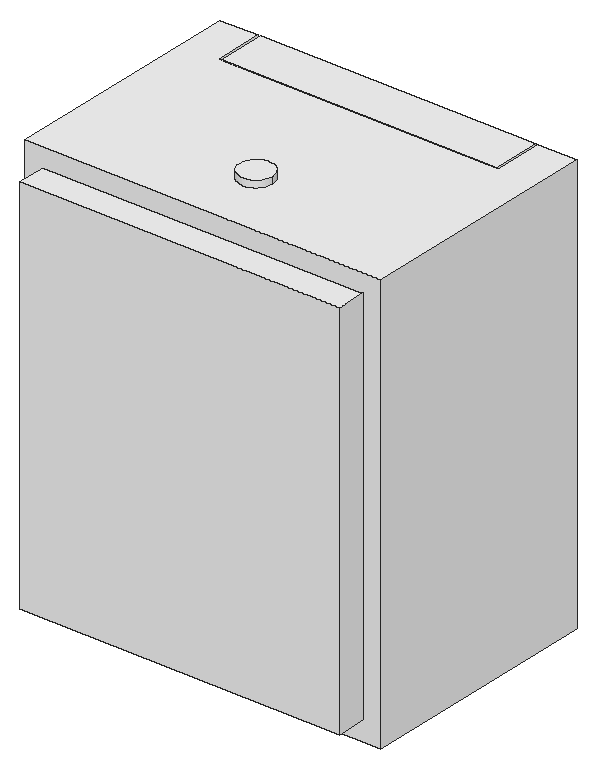
Revit family "Gira_011631", category Electrical Fixtures, host Wall, Revit 2017
Family settings
  Host = Wall
  Maintain Annotation Orientation = No
  Round Connector Dimension = Use Diameter
  Part Type = Normal
  OmniClass Number = 23.80.00.00
  OmniClass Title = Electric Power and Lighting
  Always vertical = Yes
  Cut with Voids When Loaded = No
  Shared = No
  Room Calculation Point = No
Parameters (values of type "Rock.ind.sw. off/2-way in.sp. WD surface-mounted grey")
  With mounting plate = no
  Wiring system = "Two-way switch"
  White = White
  Washing machine switch = no
  URL = "https://www.gira.de/"
  Type of lighting = "Glow lamp"
  Type of fastening = "Screw mounting"
  Type Comments = ""
  Surface protection = "Sonstige (*de-DE)"
  Suitable for degree of protection (IP) = "IP66"
  Rated current [Ampere] = 10
  Push button switch = no
  Number of rockers = 1
  Number of modules (module system) = 1
  Nominal voltage [Volt] Number = 250
  Model = ""
  Method of operation = "Rocker/button"
  Material quality = "Sonstige (*de-DE)"
  Material = "Sonstige (*de-DE)"
  Manufacturer = "Gira"
  Label space/information surface = "yes"
  Keynote = ""
  Illumination = "yes"
  HeinzeBIM = "https://www.heinze.de/bim/rock-ind-sw-off-2-way-in-sp-wd-surface-mounted-grey/ed81b6212588b44af35908d5c60bacdf791d7e3c"
  Halogen free = no
  HAN = "011631"
  GTIN = "4010337116318"
  Function lighting = "Illuminated (on)"
  Feedback-signal contact = no
  Description = "Rock.ind.sw.off 2-w in.sp. WT SM GY Rocker indicator switch 10 AX 250 V~ with inscription space Universal off 2-way switch grey Features: - With neon lamp element.,Notes : - Can also be connected with illumination."
  Cost = 0
  Connection type = "Plug clamp"
  Colour = "Grey"
  BIMSITE_PRODUCT_ID = "ed81b6212588b44af35908d5c60bacdf791d7e3c"
  BIM = "https://media.live.bim.site/t/eyJhbGciOiJIUzI1NiIsInR5cCI6IkpXVCJ9.eyJjdCI6MSwidGYiOiJwdWJsaWMvZ2lyYS8wOWY1ZGI1L0lQNDRfS29tcGxldHRnZXLDpHRfU2NoYWx0ZW4gdW5kIFRhc3Rlbi5yZmEiLCJjaWQiOiJmZWQ5OGU5YS0xYmQ4LTRjNjgtYTczYi03NGE5NGUzMTU4MjMiLCJyaWQiOiI0MTcyMmM1ZTg4MDVjNjA4NTk5NDIzMjFhYjk0MzU0MSIsInBpZCI6ImVkODFiNjIxMjU4OGI0NGFmMzU5MDhkNWM2MGJhY2RmNzkxZDdlM2MiLCJzaWQiOiI2MzQ3MCIsInV0Ijo1LCJsYyI6ImVuIiwiaWF0IjoxNjA3NTI0NjEzLCJpc3MiOiJodHRwczovL2FwaS5saXZlLmJpbS5zaXRlIiwic3ViIjoiOGQzYWE1Y2ItZTA2Ni00NTk4LWJlMTYtNmUxNmVlNzQ5NTZhIn0.ErKpRNPEE2IJePrXuqFmy8Z4NVvSB_J4FFRruj6jUOs/IP44_Komplettgerät_Schalten und Tasten.rfa"
  Assembly arrangement = "Basic element with complete housing"
  Assembly Code = ""
Reference planes
  plane 1: y = 0
  plane 2 "Center (Left/Right)": x = 125
  plane 3 "Back": y = 75
Forms (mm)
  Extrusion 1, solid, material "White" <- "White", detail levels fine
    sketch origin (0, 75, 0) x (1, 0, 0) y (0, 0, 1)
      loop
        line (154.5, 90) -> (95.5, 90) -> (95.5, 85.5) -> (154.5, 85.5) -> (154.5, 90)
    from -52.3 to -41.9
  Extrusion 2, solid, material "White" <- "White", detail levels fine
    sketch origin (0, 75, 0) x (1, 0, 0) y (0, 0, 1)
      loop
        line (154.5, 72) -> (154.5, 85) -> (95.5, 85) -> (95.5, 72) -> (154.5, 72)
    from -52.3 to -41.9
  Extrusion 3, solid, material "White" <- "White", detail levels medium+fine
    sketch origin (0, 75, 0) x (1, 0, 0) y (0, 0, 1)
      loop
        line (159.2, 86) -> (90.8, 86) -> (90.8, 4) -> (159.2, 4) -> (159.2, 86)
    from 0 to 6.2
  Extrusion 4, solid, material "White" <- "White", detail levels fine
    sketch origin (0, 75, 0) x (1, 0, 0) y (0, 0, 1)
      loop
        line (163.2, 90) -> (86.8, 90) -> (86.8, 0) -> (163.2, 0) -> (163.2, 90)
    from 0 to -52.3
  Extrusion 5, void
    sketch origin (0, 75, 0) x (1, 0, 0) y (0, 0, 1)
      loop
        line (95, 90.5) -> (95, 8.6) -> (155, 8.6) -> (155, 90.5) -> (95, 90.5)
    from -41.9 to -57.5
  Extrusion 6, solid, material "White" <- "White", detail levels medium
    sketch origin (0, 75, 0) x (1, 0, 0) y (0, 0, 1)
      loop
        line (154.5, 90) -> (95.5, 90) -> (95.5, 9.1) -> (154.5, 9.1) -> (154.5, 90)
    from -52.3 to -41.9
  Extrusion 7, solid, material "White" <- "White", detail levels coarse
    sketch origin (0, 75, 0) x (1, 0, 0) y (0, 0, 1)
      loop
        line (163.2, 91.4) -> (86.8, 91.4) -> (86.8, 0) -> (163.2, 0) -> (163.2, 91.4)
    from 6.2 to -52.3
  Extrusion 8, solid, material "White" <- "White", detail levels medium+fine
    sketch origin (163.2, 75, 90) x (-1, 0, 0) y (0, -1, 0)
      loop
        circle (38.2, -14.2) r 3.55
    from 0 to 1.4
  Extrusion 9, solid, material "White" <- "White", detail levels medium
    sketch origin (0, 75, 0) x (1, 0, 0) y (0, 0, 1)
      loop
        line (163.2, 90) -> (86.8, 90) -> (86.8, 0) -> (163.2, 0) -> (163.2, 90)
    from 0 to -52.3
  Extrusion 10, solid, material "White" <- "White", detail levels fine
    sketch origin (0, 75, 0) x (1, 0, 0) y (0, 0, 1)
      loop
        line (128.7, 43.6) -> (121.3, 43.6)
        arc (121.3, 43.6) -> (119, 41.3) -> (121.3, 39) r 2.3
        line (121.3, 39) -> (128.7, 39)
        arc (128.7, 39) -> (131, 41.3) -> (128.7, 43.6) r 2.3
    from -41.9 to -51.167
Cuts and joins
  Extrusion 5 cuts Extrusion 4
Text (mm)
  text "Placement side" at (-1867.185, 1116.779, 0), in view "Ref. Level"
  text "Placement side" at (0, 1270.507, 3001.832), in view "Left"
  text "Placement side" at (0, 530.812, 2999.686), in view "Right"
Dimensions and locks
  locked: plane 3 "Back" to host wall
  cut or joined group of Extrusion 4, Extrusion 5 to Extrusion 8 sketch curve = 14.2 mm
  aligned and locked: plane 1 to host wall
  aligned and locked: Extrusion 8 to Extrusion 6
  aligned and locked: cut or joined group of Extrusion 4, Extrusion 5 to nested 1
  aligned and locked: Extrusion 6 to nested 1
  aligned and locked: plane 3 "Back" to nested 2
Nested families
  nested 1: "Family5" at (125, 116.9, 9.1), type "Family5", detail levels fine
  nested 2: "1040099" at (125, 75, 0), type "1040099"
Connectors
  electrical at (125, 68.8, 45)
    settings: on Extrusion 3, index 1, voltage 220 V, apparent load 0 VA, apparent load phase1 0 VA, apparent load phase2 0 VA, apparent load phase3 0 VA, power factor 1, load classification "Other", number of poles 1, system type 31, power factor state 1, is connector primary yes, connector utility no, sub classification motor no, connector description ""
Definition of nested family "Family5"
  Parameters
    white = none
  Reference planes
    plane 1 "Center (Front/Back)": y = 0
    plane 2: z = 0
    plane 3 "Center (Left/Right)": x = 0
    plane 4: z = 63
    plane 5: y = 10
    plane 6: x = 29.5
    plane 7: x = -29.5
  Forms (mm)
    Extrusion 1, solid, material <- "white"
      sketch origin (0, 0, 0) x (0, 1, 0) y (0, 0, 1)
        loop
          line (0, 63) -> (0, 0) -> (10, 1.763) -> (5.815, 61.617) -> (0, 63)
      from -29.5 to 29.5
  Dimensions and locks
    aligned and locked: level to plane 2
Definition of nested family "1040099"
  Reference planes
    plane 1: y = 0
    plane 2: x = 0
